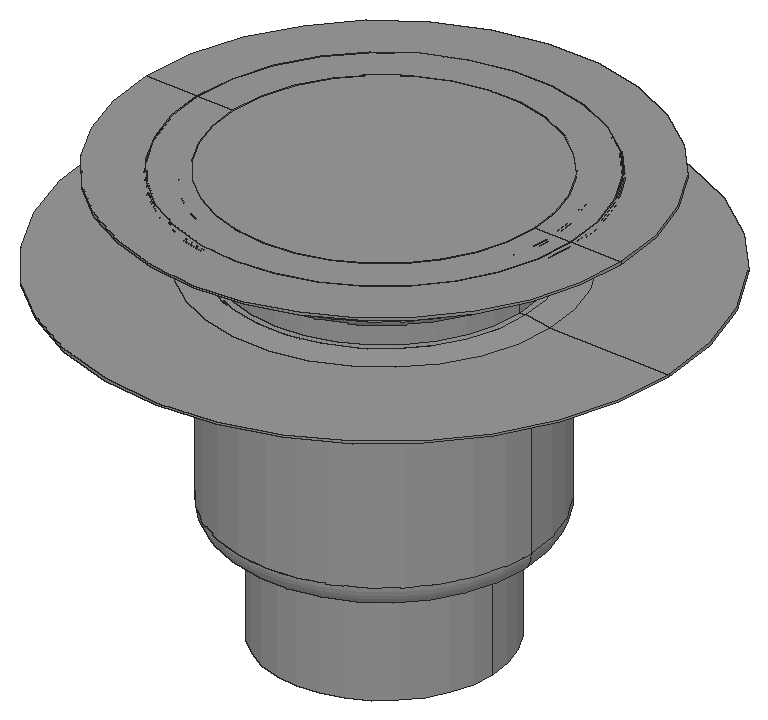
Revit family "ACO AUS Gully 218 Telescopic - Vinyl Top - Vertical Outlet with Adhesive Flange - 222mm2", category Plumbing Fixtures, host Floor, Revit 2014 (continued)
Definition of nested family "Vinyl Gully Top"
  Lines and regions (mm)
    detail lines, style "Viditelná (ISO)", in view "Ref. Level", detail levels fine
      curve 75: spline (-70.402, -107.65, 0) -> (-70.097, -107.11, 0) -> (-69.84, -106.511, 0) -> (-69.636, -105.866, 0) -> (-69.487, -105.185, 0) -> (-69.397, -104.479, 0) -> (-69.367, -103.761, 0) -> (-69.397, -103.043, 0) -> (-69.487, -102.338, 0) -> (-69.636, -101.657, 0) -> (-69.84, -101.011, 0) -> (-70.097, -100.413, 0) -> (-70.402, -99.872, 0)
      curve 76: spline (-71.993, -89.619, 0) -> (-72.298, -90.16, 0) -> (-72.555, -90.758, 0) -> (-72.759, -91.404, 0) -> (-72.908, -92.085, 0) -> (-72.998, -92.79, 0) -> (-73.028, -93.508, 0) -> (-72.998, -94.226, 0) -> (-72.908, -94.932, 0) -> (-72.759, -95.613, 0) -> (-72.555, -96.258, 0) -> (-72.298, -96.857, 0) -> (-71.993, -97.397, 0)
      curve 77: spline (-70.402, -87.144, 0) -> (-70.097, -86.603, 0) -> (-69.84, -86.005, 0) -> (-69.636, -85.36, 0) -> (-69.487, -84.679, 0) -> (-69.397, -83.973, 0) -> (-69.367, -83.255, 0) -> (-69.397, -82.537, 0) -> (-69.487, -81.832, 0) -> (-69.636, -81.151, 0) -> (-69.84, -80.505, 0) -> (-70.097, -79.907, 0) -> (-70.402, -79.366, 0)
      curve 78: spline (-71.993, -69.113, 0) -> (-72.298, -69.654, 0) -> (-72.555, -70.252, 0) -> (-72.759, -70.897, 0) -> (-72.908, -71.579, 0) -> (-72.998, -72.284, 0) -> (-73.028, -73.002, 0) -> (-72.998, -73.72, 0) -> (-72.908, -74.426, 0) -> (-72.759, -75.107, 0) -> (-72.555, -75.752, 0) -> (-72.298, -76.35, 0) -> (-71.993, -76.891, 0)
      curve 79: spline (-70.402, -66.638, 0) -> (-70.097, -66.097, 0) -> (-69.84, -65.499, 0) -> (-69.636, -64.854, 0) -> (-69.487, -64.173, 0) -> (-69.397, -63.467, 0) -> (-69.367, -62.749, 0) -> (-69.397, -62.031, 0) -> (-69.487, -61.326, 0) -> (-69.636, -60.644, 0) -> (-69.84, -59.999, 0) -> (-70.097, -59.401, 0) -> (-70.402, -58.86, 0)
      curve 80: spline (-73.028, -52.496, 0) -> (-73.021, -52.856, 0) -> (-72.998, -53.214, 0) -> (-72.96, -53.569, 0) -> (-72.908, -53.92, 0) -> (-72.841, -54.264, 0) -> (-72.759, -54.601, 0) -> (-72.664, -54.929, 0) -> (-72.555, -55.246, 0) -> (-72.433, -55.552, 0) -> (-72.298, -55.844, 0) -> (-72.151, -56.123, 0) -> (-71.993, -56.385, 0)
      curve 81: spline (-73.028, -130.502, 0) -> (-71.783, -132.252, 0) -> (-70.351, -133.74, 0) -> (-68.766, -134.933, 0) -> (-67.062, -135.805, 0) -> (-65.278, -136.336, 0) -> (-63.453, -136.514, 0) -> (-61.628, -136.336, 0) -> (-59.844, -135.805, 0) -> (-58.14, -134.933, 0) -> (-56.555, -133.74, 0) -> (-55.123, -132.252, 0) -> (-53.877, -130.502, 0)
      curve 82: spline (-62.81, -136.514, 0) -> (-61.895, -136.47, 0) -> (-60.985, -136.336, 0) -> (-60.085, -136.114, 0) -> (-59.201, -135.805, 0) -> (-58.337, -135.411, 0) -> (-57.497, -134.933, 0) -> (-56.687, -134.375, 0) -> (-55.912, -133.74, 0) -> (-55.175, -133.031, 0) -> (-54.48, -132.252, 0) -> (-53.832, -131.407, 0) -> (-53.234, -130.502, 0)
      curve 83: spline (-63.131, -118.029, 0) -> (-64.256, -118.319, 0) -> (-65.291, -118.964, 0) -> (-66.172, -119.923, 0) -> (-66.843, -121.136, 0) -> (-67.263, -122.529, 0) -> (-67.406, -124.014, 0) -> (-67.263, -125.5, 0) -> (-66.843, -126.892, 0) -> (-66.172, -128.106, 0) -> (-65.291, -129.065, 0) -> (-64.256, -129.71, 0) -> (-63.131, -130, 0)
      curve 84: spline (-63.453, -130.014, 0) -> (-62.263, -129.81, 0) -> (-61.155, -129.211, 0) -> (-60.203, -128.257, 0) -> (-59.472, -127.014, 0) -> (-59.013, -125.567, 0) -> (-58.857, -124.014, 0) -> (-59.013, -122.461, 0) -> (-59.472, -121.014, 0) -> (-60.203, -119.772, 0) -> (-61.155, -118.818, 0) -> (-62.263, -118.219, 0) -> (-63.453, -118.014, 0) -> (-64.642, -118.219, 0) -> (-65.751, -118.818, 0) -> (-66.703, -119.772, 0) -> (-67.433, -121.014, 0) -> (-67.892, -122.461, 0) -> (-68.049, -124.014, 0) -> (-67.892, -125.567, 0) -> (-67.433, -127.014, 0) -> (-66.703, -128.257, 0) -> (-65.751, -129.211, 0) -> (-64.642, -129.81, 0) -> (-63.453, -130.014, 0)
      curve 85: line (-53.234, -52.496, 0) -> (-53.234, -32.514, 0)
      curve 86: line (-53.877, -32.514, 0) -> (-53.877, -52.496, 0)
      curve 87: line (-52.842, -56.385, 0) -> (-51.251, -58.86, 0)
      curve 88: line (-51.251, -66.638, 0) -> (-52.842, -69.113, 0)
      curve 89: line (-52.842, -76.891, 0) -> (-51.251, -79.366, 0)
      curve 90: line (-51.251, -87.144, 0) -> (-52.842, -89.619, 0)
      curve 91: line (-52.842, -97.397, 0) -> (-51.251, -99.872, 0)
      curve 92: line (-51.251, -107.65, 0) -> (-52.842, -110.125, 0)
      curve 93: line (-53.877, -114.014, 0) -> (-53.877, -130.502, 0)
      curve 94: line (-53.877, -130.502, 0) -> (-53.234, -130.502, 0)
      curve 95: line (-53.234, -130.502, 0) -> (-53.234, -114.014, 0)
      curve 96: line (-52.387, -110.832, 0) -> (-50.796, -108.358, 0)
      curve 97: line (-50.796, -99.165, 0) -> (-52.387, -96.69, 0)
      curve 98: line (-52.387, -90.326, 0) -> (-50.796, -87.851, 0)
      curve 99: line (-50.796, -78.659, 0) -> (-52.387, -76.184, 0)
      curve 100: line (-52.387, -69.82, 0) -> (-50.796, -67.345, 0)
      curve 101: line (-50.796, -58.153, 0) -> (-52.387, -55.678, 0)
      curve 102: line (-53.234, -18.014, 0) -> (-53.234, -10.514, 0)
      curve 103: line (-53.877, -10.514, 0) -> (-53.877, -20.514, 0)
      curve 104: line (-53.877, -10.514, 0) -> (-73.028, -10.514, 0)
      curve 105: line (-73.028, -10.514, 0) -> (-73.028, -20.514, 0)
      curve 106: line (-73.028, -114.014, 0) -> (-73.028, -130.502, 0)
      curve 107: line (-70.402, -107.65, 0) -> (-71.993, -110.125, 0)
      curve 108: line (-71.993, -97.397, 0) -> (-70.402, -99.872, 0)
      curve 109: line (-71.993, -76.891, 0) -> (-70.402, -79.366, 0)
      curve 110: line (-70.402, -87.144, 0) -> (-71.993, -89.619, 0)
      curve 111: line (-71.993, -56.385, 0) -> (-70.402, -58.86, 0)
      curve 112: line (-70.402, -66.638, 0) -> (-71.993, -69.113, 0)
      curve 113: line (-73.028, -32.514, 0) -> (-73.028, -52.496, 0)
      curve 114: line (-63.453, -136.514, 0) -> (-62.81, -136.514, 0)
      curve 115: spline (120.29, -20.5, 0) -> (120.021, -20.704, 0) -> (119.769, -21.304, 0) -> (119.554, -22.257, 0) -> (119.388, -23.5, 0) -> (119.284, -24.947, 0) -> (119.248, -26.5, 0) -> (119.284, -28.053, 0) -> (119.388, -29.5, 0) -> (119.554, -30.743, 0) -> (119.769, -31.696, 0) -> (120.021, -32.296, 0) -> (120.29, -32.5, 0)
      curve 116: spline (115.949, -32.5, 0) -> (116.219, -32.296, 0) -> (116.47, -31.696, 0) -> (116.686, -30.743, 0) -> (116.851, -29.5, 0) -> (116.955, -28.053, 0) -> (116.991, -26.5, 0) -> (116.955, -24.947, 0) -> (116.851, -23.5, 0) -> (116.686, -22.257, 0) -> (116.47, -21.304, 0) -> (116.219, -20.704, 0) -> (115.949, -20.5, 0)
      curve 117: spline (118.704, -56.371, 0) -> (118.946, -56.108, 0) -> (119.171, -55.83, 0) -> (119.377, -55.537, 0) -> (119.565, -55.232, 0) -> (119.732, -54.914, 0) -> (119.878, -54.586, 0) -> (120.003, -54.25, 0) -> (120.106, -53.905, 0) -> (120.186, -53.555, 0) -> (120.244, -53.2, 0) -> (120.279, -52.841, 0) -> (120.29, -52.482, 0)
      curve 118: spline (116.267, -58.846, 0) -> (115.799, -59.387, 0) -> (115.406, -59.985, 0) -> (115.092, -60.63, 0) -> (114.865, -61.311, 0) -> (114.726, -62.017, 0) -> (114.68, -62.735, 0) -> (114.726, -63.453, 0) -> (114.865, -64.158, 0) -> (115.092, -64.839, 0) -> (115.406, -65.485, 0) -> (115.799, -66.083, 0) -> (116.267, -66.624, 0)
      curve 119: spline (118.704, -76.877, 0) -> (119.171, -76.336, 0) -> (119.565, -75.738, 0) -> (119.878, -75.093, 0) -> (120.106, -74.411, 0) -> (120.244, -73.706, 0) -> (120.29, -72.988, 0) -> (120.244, -72.27, 0) -> (120.106, -71.564, 0) -> (119.878, -70.883, 0) -> (119.565, -70.238, 0) -> (119.171, -69.64, 0) -> (118.704, -69.099, 0)
      curve 120: spline (116.267, -79.352, 0) -> (115.799, -79.893, 0) -> (115.406, -80.491, 0) -> (115.092, -81.136, 0) -> (114.865, -81.817, 0) -> (114.726, -82.523, 0) -> (114.68, -83.241, 0) -> (114.726, -83.959, 0) -> (114.865, -84.664, 0) -> (115.092, -85.346, 0) -> (115.406, -85.991, 0) -> (115.799, -86.589, 0) -> (116.267, -87.13, 0)
      curve 121: spline (118.704, -97.383, 0) -> (119.171, -96.842, 0) -> (119.565, -96.244, 0) -> (119.878, -95.599, 0) -> (120.106, -94.917, 0) -> (120.244, -94.212, 0) -> (120.29, -93.494, 0) -> (120.244, -92.776, 0) -> (120.106, -92.07, 0) -> (119.878, -91.389, 0) -> (119.565, -90.744, 0) -> (119.171, -90.146, 0) -> (118.704, -89.605, 0)
      curve 122: spline (116.267, -99.858, 0) -> (115.799, -100.399, 0) -> (115.406, -100.997, 0) -> (115.092, -101.642, 0) -> (114.865, -102.323, 0) -> (114.726, -103.029, 0) -> (114.68, -103.747, 0) -> (114.726, -104.465, 0) -> (114.865, -105.17, 0) -> (115.092, -105.852, 0) -> (115.406, -106.497, 0) -> (115.799, -107.095, 0) -> (116.267, -107.636, 0)
      curve 123: spline (120.29, -114, 0) -> (120.279, -113.64, 0) -> (120.244, -113.282, 0) -> (120.186, -112.927, 0) -> (120.106, -112.576, 0) -> (120.003, -112.232, 0) -> (119.878, -111.895, 0) -> (119.732, -111.567, 0) -> (119.565, -111.25, 0) -> (119.377, -110.944, 0) -> (119.171, -110.652, 0) -> (118.946, -110.374, 0) -> (118.704, -110.111, 0)
      curve 124: spline (113.666, -55.664, 0) -> (113.864, -55.449, 0) -> (114.048, -55.221, 0) -> (114.217, -54.982, 0) -> (114.37, -54.732, 0) -> (114.507, -54.472, 0) -> (114.627, -54.204, 0) -> (114.729, -53.928, 0) -> (114.813, -53.646, 0) -> (114.879, -53.36, 0) -> (114.926, -53.069, 0) -> (114.955, -52.776, 0) -> (114.964, -52.482, 0)
      curve 125: spline (111.229, -58.139, 0) -> (110.677, -58.778, 0) -> (110.212, -59.485, 0) -> (109.841, -60.247, 0) -> (109.572, -61.052, 0) -> (109.409, -61.886, 0) -> (109.354, -62.735, 0) -> (109.409, -63.583, 0) -> (109.572, -64.417, 0) -> (109.841, -65.222, 0) -> (110.212, -65.985, 0) -> (110.677, -66.692, 0) -> (111.229, -67.331, 0)
      curve 126: spline (113.666, -76.17, 0) -> (114.048, -75.727, 0) -> (114.37, -75.238, 0) -> (114.627, -74.71, 0) -> (114.813, -74.152, 0) -> (114.926, -73.575, 0) -> (114.964, -72.988, 0) -> (114.926, -72.4, 0) -> (114.813, -71.823, 0) -> (114.627, -71.266, 0) -> (114.37, -70.738, 0) -> (114.048, -70.248, 0) -> (113.666, -69.806, 0)
      curve 127: spline (111.229, -78.645, 0) -> (110.677, -79.284, 0) -> (110.212, -79.991, 0) -> (109.841, -80.753, 0) -> (109.572, -81.558, 0) -> (109.409, -82.392, 0) -> (109.354, -83.241, 0) -> (109.409, -84.089, 0) -> (109.572, -84.923, 0) -> (109.841, -85.728, 0) -> (110.212, -86.491, 0) -> (110.677, -87.198, 0) -> (111.229, -87.837, 0)
      curve 128: spline (113.666, -96.676, 0) -> (114.048, -96.233, 0) -> (114.37, -95.744, 0) -> (114.627, -95.216, 0) -> (114.813, -94.659, 0) -> (114.926, -94.081, 0) -> (114.964, -93.494, 0) -> (114.926, -92.906, 0) -> (114.813, -92.329, 0) -> (114.627, -91.772, 0) -> (114.37, -91.244, 0) -> (114.048, -90.754, 0) -> (113.666, -90.312, 0)
      curve 129: spline (111.229, -99.151, 0) -> (110.677, -99.79, 0) -> (110.212, -100.497, 0) -> (109.841, -101.259, 0) -> (109.572, -102.065, 0) -> (109.409, -102.898, 0) -> (109.354, -103.747, 0) -> (109.409, -104.595, 0) -> (109.572, -105.429, 0) -> (109.841, -106.234, 0) -> (110.212, -106.997, 0) -> (110.677, -107.704, 0) -> (111.229, -108.343, 0)
      curve 130: spline (114.964, -114, 0) -> (114.955, -113.706, 0) -> (114.926, -113.413, 0) -> (114.879, -113.122, 0) -> (114.813, -112.835, 0) -> (114.729, -112.553, 0) -> (114.627, -112.278, 0) -> (114.507, -112.01, 0) -> (114.37, -111.75, 0) -> (114.217, -111.5, 0) -> (114.048, -111.261, 0) -> (113.864, -111.033, 0) -> (113.666, -110.818, 0)
      curve 131: spline (115.949, -114, 0) -> (115.937, -113.64, 0) -> (115.903, -113.282, 0) -> (115.845, -112.927, 0) -> (115.764, -112.576, 0) -> (115.662, -112.232, 0) -> (115.537, -111.895, 0) -> (115.39, -111.567, 0) -> (115.223, -111.25, 0) -> (115.036, -110.944, 0) -> (114.83, -110.652, 0) -> (114.605, -110.374, 0) -> (114.363, -110.111, 0)
      curve 132: spline (111.925, -99.858, 0) -> (111.458, -100.399, 0) -> (111.065, -100.997, 0) -> (110.751, -101.642, 0) -> (110.523, -102.323, 0) -> (110.385, -103.029, 0) -> (110.339, -103.747, 0) -> (110.385, -104.465, 0) -> (110.523, -105.17, 0) -> (110.751, -105.852, 0) -> (111.065, -106.497, 0) -> (111.458, -107.095, 0) -> (111.925, -107.636, 0)
      curve 133: spline (114.363, -97.383, 0) -> (114.83, -96.842, 0) -> (115.223, -96.244, 0) -> (115.537, -95.599, 0) -> (115.764, -94.917, 0) -> (115.903, -94.212, 0) -> (115.949, -93.494, 0) -> (115.903, -92.776, 0) -> (115.764, -92.07, 0) -> (115.537, -91.389, 0) -> (115.223, -90.744, 0) -> (114.83, -90.146, 0) -> (114.363, -89.605, 0)
      curve 134: spline (111.925, -79.352, 0) -> (111.458, -79.893, 0) -> (111.065, -80.491, 0) -> (110.751, -81.136, 0) -> (110.523, -81.817, 0) -> (110.385, -82.523, 0) -> (110.339, -83.241, 0) -> (110.385, -83.959, 0) -> (110.523, -84.664, 0) -> (110.751, -85.346, 0) -> (111.065, -85.991, 0) -> (111.458, -86.589, 0) -> (111.925, -87.13, 0)
      curve 135: spline (114.363, -76.877, 0) -> (114.83, -76.336, 0) -> (115.223, -75.738, 0) -> (115.537, -75.093, 0) -> (115.764, -74.411, 0) -> (115.903, -73.706, 0) -> (115.949, -72.988, 0) -> (115.903, -72.27, 0) -> (115.764, -71.564, 0) -> (115.537, -70.883, 0) -> (115.223, -70.238, 0) -> (114.83, -69.64, 0) -> (114.363, -69.099, 0)
      curve 136: spline (111.925, -58.846, 0) -> (111.458, -59.387, 0) -> (111.065, -59.985, 0) -> (110.751, -60.63, 0) -> (110.523, -61.311, 0) -> (110.385, -62.017, 0) -> (110.339, -62.735, 0) -> (110.385, -63.453, 0) -> (110.523, -64.158, 0) -> (110.751, -64.839, 0) -> (111.065, -65.485, 0) -> (111.458, -66.083, 0) -> (111.925, -66.624, 0)
      curve 137: spline (114.363, -56.371, 0) -> (114.605, -56.108, 0) -> (114.83, -55.83, 0) -> (115.036, -55.537, 0) -> (115.223, -55.232, 0) -> (115.39, -54.914, 0) -> (115.537, -54.586, 0) -> (115.662, -54.25, 0) -> (115.764, -53.905, 0) -> (115.845, -53.555, 0) -> (115.903, -53.2, 0) -> (115.937, -52.841, 0) -> (115.949, -52.482, 0)
      curve 138: spline (115.949, -130.487, 0) -> (116.231, -132.237, 0) -> (116.556, -133.725, 0) -> (116.915, -134.919, 0) -> (117.302, -135.791, 0) -> (117.706, -136.322, 0) -> (118.12, -136.5, 0) -> (118.533, -136.322, 0) -> (118.938, -135.791, 0) -> (119.324, -134.919, 0) -> (119.683, -133.725, 0) -> (120.008, -132.237, 0) -> (120.29, -130.487, 0)
      curve 139: spline (114.964, -130.487, 0) -> (115.1, -131.393, 0) -> (115.247, -132.237, 0) -> (115.404, -133.016, 0) -> (115.571, -133.725, 0) -> (115.747, -134.361, 0) -> (115.93, -134.919, 0) -> (116.121, -135.396, 0) -> (116.317, -135.791, 0) -> (116.517, -136.1, 0) -> (116.721, -136.322, 0) -> (116.927, -136.455, 0) -> (117.135, -136.5, 0)
      curve 140: spline (117.627, -129.288, 0) -> (117.783, -128.695, 0) -> (117.919, -127.952, 0) -> (118.029, -127.081, 0) -> (118.11, -126.111, 0) -> (118.16, -125.073, 0) -> (118.177, -124, 0) -> (118.16, -122.927, 0) -> (118.11, -121.889, 0) -> (118.029, -120.919, 0) -> (117.919, -120.048, 0) -> (117.783, -119.305, 0) -> (117.627, -118.712, 0)
      curve 141: spline (118.12, -130, 0) -> (118.389, -129.796, 0) -> (118.641, -129.196, 0) -> (118.856, -128.243, 0) -> (119.022, -127, 0) -> (119.126, -125.553, 0) -> (119.162, -124, 0) -> (119.126, -122.447, 0) -> (119.022, -121, 0) -> (118.856, -119.757, 0) -> (118.641, -118.804, 0) -> (118.389, -118.204, 0) -> (118.12, -118, 0) -> (117.85, -118.204, 0) -> (117.599, -118.804, 0) -> (117.383, -119.757, 0) -> (117.217, -121, 0) -> (117.113, -122.447, 0) -> (117.078, -124, 0) -> (117.113, -125.553, 0) -> (117.217, -127, 0) -> (117.383, -128.243, 0) -> (117.599, -129.196, 0) -> (117.85, -129.796, 0) -> (118.12, -130, 0)
      curve 142: line (115.949, -52.482, 0) -> (115.949, -32.5, 0)
      curve 143: line (115.949, -32.5, 0) -> (114.964, -32.5, 0)
      curve 144: line (114.964, -32.5, 0) -> (114.964, -52.482, 0)
      curve 145: line (115.949, -20.5, 0) -> (115.949, -10.5, 0)
      curve 146: line (120.29, -32.5, 0) -> (120.29, -52.482, 0)
      curve 147: line (118.704, -56.371, 0) -> (116.267, -58.846, 0)
      curve 148: line (116.267, -66.624, 0) -> (118.704, -69.099, 0)
      curve 149: line (118.704, -76.877, 0) -> (116.267, -79.352, 0)
      curve 150: line (116.267, -87.13, 0) -> (118.704, -89.605, 0)
      curve 151: line (118.704, -97.383, 0) -> (116.267, -99.858, 0)
      curve 152: line (116.267, -107.636, 0) -> (118.704, -110.111, 0)
      curve 153: line (120.29, -114, 0) -> (120.29, -130.487, 0)
      curve 154: line (114.964, -20.5, 0) -> (114.964, -10.5, 0)
      curve 155: line (114.964, -10.5, 0) -> (115.949, -10.5, 0)
      curve 156: line (115.949, -10.5, 0) -> (120.29, -10.5, 0)
      curve 157: line (120.29, -10.5, 0) -> (120.29, -20.5, 0)
      curve 158: line (111.229, -58.139, 0) -> (113.666, -55.664, 0)
      curve 159: line (113.666, -69.806, 0) -> (111.229, -67.331, 0)
      curve 160: line (111.229, -78.645, 0) -> (113.666, -76.17, 0)
      curve 161: line (113.666, -90.312, 0) -> (111.229, -87.837, 0)
      curve 162: line (111.229, -99.151, 0) -> (113.666, -96.676, 0)
      curve 163: line (113.666, -110.818, 0) -> (111.229, -108.343, 0)
      curve 164: line (115.949, -114, 0) -> (115.949, -130.487, 0)
      curve 165: line (115.949, -130.487, 0) -> (114.964, -130.487, 0)
      curve 166: line (114.964, -130.487, 0) -> (114.964, -114, 0)
      curve 167: line (111.925, -107.636, 0) -> (114.363, -110.111, 0)
      curve 168: line (114.363, -97.383, 0) -> (111.925, -99.858, 0)
      curve 169: line (111.925, -87.13, 0) -> (114.363, -89.605, 0)
      curve 170: line (114.363, -76.877, 0) -> (111.925, -79.352, 0)
      curve 171: line (111.925, -66.624, 0) -> (114.363, -69.099, 0)
      curve 172: line (114.363, -56.371, 0) -> (111.925, -58.846, 0)
      curve 173: line (118.12, -136.5, 0) -> (117.135, -136.5, 0)
      curve 174: line (120.381, -18, 0) -> (115.949, -18, 0)
      curve 177: spline (-43.33, -103.636, 0) -> (-43.171, -103.108, 0) -> (-43.037, -102.526, 0) -> (-42.929, -101.897, 0) -> (-42.849, -101.234, 0) -> (-42.799, -100.547, 0) -> (-42.779, -99.846, 0) -> (-42.79, -99.144, 0) -> (-42.832, -98.451, 0) -> (-42.904, -97.78, 0) -> (-43.004, -97.141, 0) -> (-43.131, -96.544, 0) -> (-43.283, -96, 0)
      curve 178: spline (-44.177, -106.111, 0) -> (-44.261, -106.374, 0) -> (-44.339, -106.652, 0) -> (-44.41, -106.945, 0) -> (-44.475, -107.25, 0) -> (-44.534, -107.568, 0) -> (-44.584, -107.896, 0) -> (-44.628, -108.232, 0) -> (-44.663, -108.577, 0) -> (-44.691, -108.927, 0) -> (-44.711, -109.282, 0) -> (-44.723, -109.641, 0) -> (-44.728, -110, 0)
      curve 179: spline (-43.935, -106.818, 0) -> (-44.004, -107.033, 0) -> (-44.067, -107.261, 0) -> (-44.126, -107.5, 0) -> (-44.179, -107.75, 0) -> (-44.227, -108.01, 0) -> (-44.268, -108.278, 0) -> (-44.304, -108.554, 0) -> (-44.333, -108.836, 0) -> (-44.356, -109.122, 0) -> (-44.372, -109.413, 0) -> (-44.382, -109.706, 0) -> (-44.385, -110, 0)
      curve 180: spline (-43.088, -104.343, 0) -> (-42.916, -103.777, 0) -> (-42.767, -103.156, 0) -> (-42.645, -102.489, 0) -> (-42.549, -101.784, 0) -> (-42.482, -101.052, 0) -> (-42.445, -100.302, 0) -> (-42.438, -99.545, 0) -> (-42.461, -98.79, 0) -> (-42.514, -98.048, 0) -> (-42.597, -97.33, 0) -> (-42.707, -96.644, 0) -> (-42.844, -96, 0)
      curve 181: spline (-19.596, -104.343, 0) -> (-19.424, -103.777, 0) -> (-19.275, -103.156, 0) -> (-19.152, -102.489, 0) -> (-19.057, -101.784, 0) -> (-18.99, -101.052, 0) -> (-18.953, -100.302, 0) -> (-18.946, -99.545, 0) -> (-18.969, -98.79, 0) -> (-19.022, -98.048, 0) -> (-19.104, -97.33, 0) -> (-19.215, -96.644, 0) -> (-19.351, -96, 0)
      curve 182: spline (-20.442, -106.818, 0) -> (-20.511, -107.033, 0) -> (-20.575, -107.261, 0) -> (-20.634, -107.5, 0) -> (-20.687, -107.75, 0) -> (-20.734, -108.01, 0) -> (-20.776, -108.278, 0) -> (-20.811, -108.554, 0) -> (-20.841, -108.836, 0) -> (-20.864, -109.122, 0) -> (-20.88, -109.413, 0) -> (-20.89, -109.706, 0) -> (-20.893, -110, 0)
      curve 183: spline (-44.728, -126.488, 0) -> (-43.994, -127.393, 0) -> (-43.199, -128.238, 0) -> (-42.347, -129.017, 0) -> (-41.443, -129.726, 0) -> (-40.492, -130.361, 0) -> (-39.499, -130.919, 0) -> (-38.469, -131.397, 0) -> (-37.409, -131.791, 0) -> (-36.324, -132.1, 0) -> (-35.22, -132.322, 0) -> (-34.104, -132.456, 0) -> (-32.981, -132.5, 0)
      curve 184: spline (-44.385, -126.488, 0) -> (-42.857, -128.238, 0) -> (-41.101, -129.726, 0) -> (-39.156, -130.919, 0) -> (-37.067, -131.791, 0) -> (-34.878, -132.322, 0) -> (-32.639, -132.5, 0) -> (-30.401, -132.322, 0) -> (-28.212, -131.791, 0) -> (-26.122, -130.919, 0) -> (-24.177, -129.726, 0) -> (-22.421, -128.238, 0) -> (-20.893, -126.488, 0)
      curve 185: spline (-32.639, -114, 0) -> (-34.099, -114.205, 0) -> (-35.458, -114.804, 0) -> (-36.626, -115.758, 0) -> (-37.522, -117, 0) -> (-38.085, -118.447, 0) -> (-38.277, -120, 0) -> (-38.085, -121.553, 0) -> (-37.522, -123, 0) -> (-36.626, -124.243, 0) -> (-35.458, -125.196, 0) -> (-34.099, -125.796, 0) -> (-32.639, -126, 0) -> (-31.18, -125.796, 0) -> (-29.82, -125.196, 0) -> (-28.653, -124.243, 0) -> (-27.757, -123, 0) -> (-27.193, -121.553, 0) -> (-27.001, -120, 0) -> (-27.193, -118.447, 0) -> (-27.757, -117, 0) -> (-28.653, -115.758, 0) -> (-29.82, -114.804, 0) -> (-31.18, -114.205, 0) -> (-32.639, -114, 0)
      curve 186: spline (-32.81, -125.998, 0) -> (-31.385, -125.755, 0) -> (-30.064, -125.135, 0) -> (-28.935, -124.178, 0) -> (-28.07, -122.948, 0) -> (-27.528, -121.524, 0) -> (-27.343, -120, 0) -> (-27.528, -118.477, 0) -> (-28.07, -117.053, 0) -> (-28.935, -115.823, 0) -> (-30.064, -114.866, 0) -> (-31.385, -114.246, 0) -> (-32.81, -114.003, 0)
      curve 187: line (-43.33, -103.636, 0) -> (-44.177, -106.111, 0)
      curve 188: line (-44.728, -110, 0) -> (-44.728, -126.488, 0)
      curve 189: line (-44.728, -126.488, 0) -> (-44.385, -126.488, 0)
      curve 190: line (-44.385, -126.488, 0) -> (-44.385, -110, 0)
      curve 191: line (-43.935, -106.818, 0) -> (-43.088, -104.343, 0)
      curve 192: line (-20.442, -106.818, 0) -> (-19.596, -104.343, 0)
      curve 193: line (-20.893, -126.488, 0) -> (-20.893, -110, 0)
      curve 194: line (-32.981, -132.5, 0) -> (-32.639, -132.5, 0)
    detail lines, in view "Ref. Level", detail levels fine
      curve 175: line (118.631, -10.5, 0) -> (118.631, -18, 0)
      curve 176: arc (114.964, -20.5, 0) -> (115.778, -26.5, 0) -> (114.964, -32.5, 0) r 22.534
Types (5, lengths in mm): name | Product Code 413029 | Product Code 413028 | Product Code 408236 | Product Code 408233 | Product Code 408226 | Product Code 408223 | Product Code 142008 | Product Code 142006 | Product Code 142005 | Product Code 142004 | Product Code 142003 | Product Code 142002 | Outlet Height | Material | Gully Weight (Kg) | Gully Product Description | Gully Product Code | Gully Material | Grating Product Code 97388 | Grating Product Code 97148 | Foul Air Trap Seal Recycled Material Content | Foul Air Trap Seal Recyclable | Foul Air Trap Seal Material | Foul Air Trap Seal Colour | Flow Rate (l/s) | 97388 - 268 x 268mm - Ladder Grating - Plain - Stainless Steel 316 | 97148 - 268 x 268mm - Ladder Grating - Plain - Stainless Steel 304 | Foul Air Trap & Foul Air Trap Support Ring
  (no name) | "N/A" | "2.0 litre removable strainer - Stainless steel grade 304 - 0.9kg" | "N/A" | "N/A" | "Waterproof bonding flange - Stainless steel grade 304 - 2.5kg" | "0.7 litre removable strainer - Stainless steel grade 304 - 0.6kg" | "N/A" | "N/A" | "N/A" | "N/A" | "N/A" | "N/A" | 74.000 | Stainless Steel AISI 304 | "5" | "ACO Gully 218 adjustable height gully with integrated bonding flange - DN160 vertical outlet with round vinyl  top section without FAT - grade 304" | "142200" | "Stainless steel grade 304" | "N/A" | "Load Class M125 (EN 1253) - Ladder grate - Plain - Stainless steel grade 304 - 222mm - 2.4kg" | "N/A" | "N/A" | "N/A" | "N/A" | "27.1" | no | yes | no
  142200 - Adjustable Height without FAT SS 304 | "N/A" | "2.0 litre removable strainer - Stainless steel grade 304 - 0.9kg" | "N/A" | "N/A" | "Waterproof bonding flange - Stainless steel grade 304 - 2.5kg" | "0.7 litre removable strainer - Stainless steel grade 304 - 0.6kg" | "N/A" | "N/A" | "N/A" | "N/A" | "N/A" | "N/A" | 74.000 | Stainless Steel AISI 304 | "5" | "ACO Gully 218 adjustable height gully with integrated bonding flange - DN160 vertical outlet with round vinyl  top section without FAT - grade 304" | "142200" | "Stainless steel grade 304" | "N/A" | "Load Class M125 (EN 1253) - Ladder grate - Plain - Stainless steel grade 304 - 222mm - 2.4kg" | "N/A" | "N/A" | "N/A" | "N/A" | "27.1" | no | yes | no
  142201 - Adjustable Height without FAT SS 316 | "2.0 litre removable strainer - Stainless steel grade 316 - 0.9kg" | "N/A" | "Waterproof bonding flange - Stainless steel grade 316 - 2.5kg" | "0.7 litre removable strainer - Stainless steel grade 316 - 0.6kg" | "N/A" | "N/A" | "Fixed strainer to suit a 160mm outlet - Stainless steel grade 316 - 0.1kg" | "N/A" | "Retention chain connecting removable strainer to grate - Stainless steel grade 316 - 0.1kg" | "N/A" | "Retention chain connecting fixed strainer to removable strainer - Stainless steel grade 316 - 0.1kg" | "N/A" | 77.000 | Stainless Steel AISI 316 | "5" | "ACO Gully 218 adjustable height gully with integrated bonding flange - DN160 vertical outlet with round vinyl top section without FAT - grade 316" | "142201" | "Stainless steel grade 316" | "Load Class M125 (EN 1253) - Ladder grate - Plain - Stainless steel grade 316 - 222mm - 2.4kg" | "N/A" | "N/A" | "N/A" | "N/A" | "N/A" | "27.1" | yes | no | no
  142202 - Adjustable Height with FAT SS 304 | "N/A" | "2.0 litre removable strainer - Stainless steel grade 304 - 0.9kg" | "N/A" | "N/A" | "Waterproof bonding flange - Stainless steel grade 304 - 2.5kg" | "0.7 litre removable strainer - Stainless steel grade 304 - 0.6kg" | "N/A" | "N/A" | "N/A" | "N/A" | "N/A" | "N/A" | 77.000 | Stainless Steel AISI 304 | "6.1" | "ACO Gully 218 adjustable height gully with integrated bonding flange - DN160 vertical outlet with round vinyl top section with FAT - grade 304" | "142202" | "Stainless steel grade 304" | "N/A" | "Load Class M125 (EN 1253) - Ladder grate - Plain - Stainless steel grade 304 - 222mm - 2.4kg" | "0%" | "Fully Recyclable" | "NBR" | "Black" | "5-5.5" | no | yes | yes
  142203 - Adjustable Height with FAT SS 316 | "2.0 litre removable strainer - Stainless steel grade 316 - 0.9kg" | "N/A" | "Waterproof bonding flange - Stainless steel grade 316 - 2.5kg" | "0.7 litre removable strainer - Stainless steel grade 316 - 0.6kg" | "N/A" | "N/A" | "Fixed strainer to suit a 160mm outlet - Stainless steel grade 316 - 0.1kg" | "Retention chain connecting removable FAT to grate - Stainless steel grade 316 - 0.1kg" | "Retention chain connecting removable strainer to grate - Stainless steel grade 316 - 0.1kg" | "Retention chain connecting to FAT to removable strainer - Stainless steel grade 316 - 0.1kg" | "Retention chain connecting fixed strainer to removable strainer - Stainless steel grade 316 - 0.1kg" | "Retention chain connecting fixed strainer to FAT - Stainless steel grade 316 - 0.1kg" | 77.000 | Stainless Steel AISI 316 | "6.1" | "ACO Gully 218 adjustable height gully with integrated bonding flange - DN160 vertical outlet with round vinyl top section with FAT - grade 316" | "142203" | "Stainless steel grade 316" | "Load Class M125 (EN 1253) - Ladder grate - Plain - Stainless steel grade 316 - 222mm - 2.4kg" | "N/A" | "0%" | "Fully Recyclable" | "NBR" | "Black" | "5-5.5" | yes | no | yes
